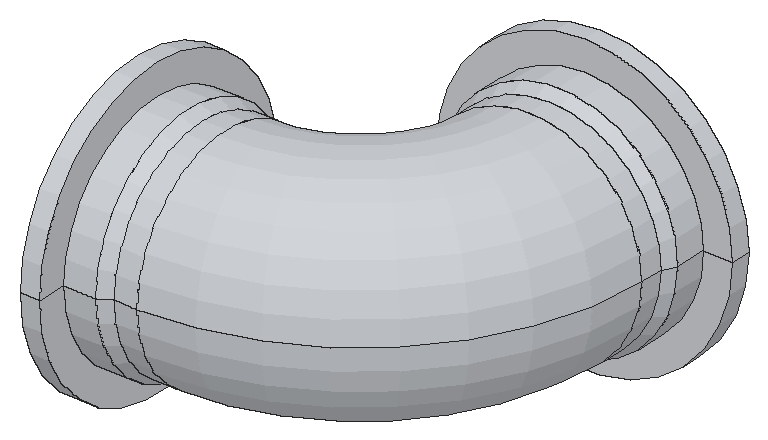
Revit family "1c944dc4a963474e9f11f9a67774959f", category Pipe Fittings, Revit 2021
Family settings
  Round Connector Dimension = Use Radius
  Part Type = Elbow
  OmniClass Number = 23.60.30.11.14
  OmniClass Title = Pipework Fittings
  Seek Item ID = Elbow - Threaded - MI - Class 300-0000-USA-ENU
  Work Plane-Based = No
  Always vertical = Yes
  Cut with Voids When Loaded = No
  Shared = No
Parameters (values of type "Standard")
  Tick Size [instance] = Fitting Outside Diameter * 0.4  # 6.1200"
  Socket Outside Radius [instance] = Socket Outside Diameter / 2  # 8.0950"
  Socket Outside Diameter [instance] = size_lookup(Lookup Table Name, "SOD", 1.08 * Nominal Diameter + 1.1200", Nominal Diameter)  # 16.1900"
  Socket Depth [instance] = if(Nominal Diameter < 14.0000", 2.5000", if(Nominal Diameter < 30.0000", 3.5000", 4.0000"))  # 3.5000"
  Lookup Table Name = "Bend - MJ - GI - Class 150"
  Length 5 [instance] = Length 4 + Bevel Length + Socket Depth  # 6.0000"
  Length 4 [instance] = if(Center to Socket Bottom < (Bevel Length + Length 1), 0.5000", Center to Socket Bottom - Bevel Length - Length 1)  # 1.6100"
  Length 3 [instance] = sin(Angle) * (Center to Socket Bottom + Socket Depth)  # 17.5000"
  Length 2 [instance] = cos(Angle) * (Center to Socket Bottom + Socket Depth)  # 0.0000"
  Length 1 [instance] = tan(Angle / 2) * Center Radius  # 11.5000"
  Fitting Outside Radius [instance] = Fitting Outside Diameter / 2  # 7.6500"
  Fitting Outside Diameter [instance] = size_lookup(Lookup Table Name, "FOD", 1.04 * Nominal Diameter + 0.7000", Nominal Diameter)  # 15.3000"
  Nominal Radius [instance] = 7.0000"
  Nominal Diameter [instance] = Nominal Radius * 2  # 14.0000"
  Loss Method = K Coefficient from Table
  K Coefficient Table = "Long Radius Elbow"
  Default Elevation = 0.0000"
  Bevel Length [instance] = size_lookup(Lookup Table Name, "BvLgt", 0.04 * Nominal Diameter + 0.4300", Nominal Diameter)  # 0.8900"
  Center to Socket Bottom [instance] = size_lookup(Lookup Table Name, "CtSB", Center to Socket Bottom Not Found, Nominal Diameter, Angle 1)  # 14.0000"
  Center to Socket Bottom Not Found [instance] = if(Nominal Diameter < 30.0000", tan(Angle / 2) * Center Radius + Bevel Length + 1.0000", tan(Angle / 2) * Center Radius + Bevel Length + 6.0000")  # 13.3900"
  Center Radius [instance] = size_lookup(Lookup Table Name, "CRad", 0.69 * Nominal Diameter + 1.8100", Nominal Diameter, Angle 1)  # 11.5000"
  Gland Width [instance] = size_lookup(Lookup Table Name, "GWid", 0.03 * Nominal Diameter + 0.9400", Nominal Diameter)  # 1.3100"
  Gland Outside Radius [instance] = Gland Outside Diameter / 2  # 10.1250"
  Gland Outside Diameter [instance] = size_lookup(Lookup Table Name, "GOD", 1.16 * Nominal Diameter + 4.0300", Nominal Diameter)  # 20.2500"
  Assembly Code = ""
  Angle 1 [instance] = if(or(Angle < 11.25°, Angle = 11.25°), 11.25°, if(or(Angle < 22.50°, Angle = 22.50°), 22.50°, if(or(Angle < 45.00°, Angle = 45.00°), 45.00°, Angle)))  # 90.00°
  Angle [instance] = 90.00°
Reference planes (in)
  plane 1 "Center (Front/Back)": y = 0
  plane 2: z = 0
  plane 3 "Center (Left/Right)": x = 0
  plane 4: x = -11.5
  plane 5: x = -13.11
  plane 6: y = 11.5
  plane 7: y = 6.12
  plane 8: y = -6.12
  plane 9: x = 0
  plane 10: y = 17.5
  plane 11: x = -17.5
  plane 12: x = -16.19
  plane 13: y = 10.125
  plane 14: y = 8.095
  plane 15: y = 7.65
  plane 16: x = -14
Forms (in)
  Sweep 1, solid, detail levels fine
    path in 3D
      loop
        arc (-11.5, 0, 0) -> (-3.36827, 3.36827, 0) -> (0, 11.5, 0) r 11.5
    profile origin (-3.36827, 3.36827, 0) x (-0.707107, 0.707107, 0) y (0, 0, 1)
      loop
        circle (0, 0) r 7.65
  Revolve 2, solid, detail levels fine
    sketch origin (0, 17.5, 0) x (0, -1, 0) y (1, 0, 0)
      loop
        line (0, 0) -> (0, -10.125) -> (1.31, -10.125) -> (1.31, -8.095) -> (3.5, -8.095) -> (4.39, -7.65) -> (6, -7.65) -> (6, 0) -> (0, 0)
      axis (0, 0) -> (6, 0)
    angle from 0 to 360
  Revolve 3, solid, detail levels fine
    sketch origin (0, 0, 0) x (1, 0, 0) y (0, 1, 0)
      loop
        line (-17.5, 0) -> (-11.5, 0) -> (-11.5, 7.65) -> (-13.11, 7.65) -> (-14, 8.095) -> (-16.19, 8.095) -> (-16.19, 10.125) -> (-17.5, 10.125) -> (-17.5, 0)
      axis (-17.5, 0) -> (-11.5, 0)
    angle from 0 to 360
Cuts and joins
  joined: Sweep 1, Revolve 2, Revolve 3
Lines and regions (in)
  model lines, style "PipeFitting", detail levels coarse+medium
    curve 1: line (-17.5, 0, 0) -> (-11.5, 0, 0)
    curve 2: arc (-11.5, 0, 0) -> (-3.36827, 3.36827, 0) -> (0, 11.5, 0) r 11.5
    curve 3: line (0, 11.5, 0) -> (0, 17.5, 0)
  sketch lines
    curve 4: arc (-11.5, 0, 0) -> (-3.36827, 3.36827, 0) -> (0, 11.5, 0) r 11.5
  model lines, detail levels coarse+medium
    curve 5: line (-17.5, 0, 0) -> (-17.5, 6.12, 0)
    curve 6: line (-17.5, 0, 0) -> (-17.5, -6.12, 0)
    curve 7: line (0, 17.5, 0) -> (-6.12, 17.5, 0)
    curve 8: line (0, 17.5, 0) -> (6.12, 17.5, 0)
  reference lines, not visible
    curve 9: line (0, 17.5, 0) -> (0, 10.18528, 0)
Dimensions and locks (in)
  "Center Radius": plane 6 to plane 1 "Center (Front/Back)"
  "Tick Size": plane 7 to plane 1 "Center (Front/Back)"
  "Tick Size": plane 8 to plane 1 "Center (Front/Back)"
  "Tick Size": curve 7 to curve 7
  "Tick Size": curve 8 to curve 8
  "Socket Outside Radius": Revolve 2 sketch curve to Revolve 2 sketch curve
  "Gland Width": Revolve 2 sketch curve to Revolve 2 sketch curve
  "Fitting Outside Radius": Revolve 2 sketch curve to Revolve 2 sketch curve
  "Gland Outside Radius": Revolve 2 sketch curve to Revolve 2 sketch curve
  "Socket Depth": Revolve 2 sketch curve to Revolve 2 sketch curve
  "Length 1": plane 4 to plane 3 "Center (Left/Right)"
  "Length 3": plane 10 to plane 1 "Center (Front/Back)"
  "Gland Width": plane 11 to plane 12
  "Fitting Outside Radius": plane 15 to plane 1 "Center (Front/Back)"
  "Socket Outside Radius": plane 14 to plane 1 "Center (Front/Back)"
  "Gland Outside Radius": plane 13 to plane 1 "Center (Front/Back)"
  "Bevel Length": plane 16 to plane 5
  "Socket Depth": plane 11 to plane 16
  "Center to Socket Bottom": plane 16 to plane 3 "Center (Left/Right)"
  "Length 2": plane 3 "Center (Left/Right)" to plane 9
  "Length 5": Revolve 2 sketch curve to Revolve 2 sketch curve
  "Length 4": Revolve 2 sketch curve to Revolve 2 sketch curve
  "Center Radius": radius of curve 2
  "Fitting Outside Radius": radius of Sweep 1 sketch curve
  "Angle": angle curve 2 to curve 2
  "Angle": angle plane 1 "Center (Front/Back)" to curve 3
  locked: curve 8 to curve 3 (angle 90.00°)
  locked: curve 3 to curve 7 (angle 90.00°)
  "Angle": angle plane 10 to curve 9
  aligned and locked: plane 4 to curve 2
  aligned and locked: plane 7 to curve 5
  aligned and locked: plane 1 "Center (Front/Back)" to curve 6
  aligned and locked: plane 8 to curve 6
  aligned and locked: plane 9 to curve 9
  aligned and locked: plane 10 to curve 9
  aligned and locked: Revolve 2 sketch curve to curve 9
  aligned and locked: curve 6 to plane 11
  aligned and locked: Revolve 3 sketch curve to plane 13
  aligned and locked: plane 11 to Revolve 3 sketch curve
  aligned and locked: Revolve 3 sketch curve to plane 12
  aligned and locked: Revolve 3 sketch curve to plane 14
  aligned and locked: Revolve 3 sketch curve to plane 4
  aligned and locked: plane 16 to Revolve 3 sketch curve
  aligned and locked: plane 5 to Revolve 3 sketch curve
  aligned and locked: plane 15 to Revolve 3 sketch curve
Automatic sketch dimensions
  Sweep 1 sketch curve to profile plane = 0.0000"  (x2)
  curve 3 to plane 10 = 0.0000"
  plane 1 "Center (Front/Back)" to Revolve 3 sketch curve = 0.0000"  (x2)
  Revolve 3 sketch curve to plane 4 = 0.0000"
  Revolve 3 sketch curve to plane 11 = 0.7500"
  Revolve 2 sketch curve to curve 9 = 0.0000"  (x2)
  Revolve 2 sketch curve to Revolve 2 sketch curve = 1.0000"
  Revolve 2 sketch curve to Revolve 2 sketch curve = 0.78127"
Connectors (in)
  piping at (-17.5, 0, 0), diameter 14, driven by "Angle", driven by "Nominal Radius"
    settings: on Revolve 3, index 1, connector inside diameter 14.0000", connector length 0.0000", flow factor 0, pipe flow 0 GPM, pressure drop 0.00 psi, fitting loss kfactor 0, connector angle 90.00°, fixture units 0, engagement length 0.0000", angle of deflection 0.00°, flow configuration 0, flow direction 0, fitting loss method 0, system type 28, joint type 0, gender type 0, connector reference index 2, connector utility 0, adjustable connector no, is connector primary yes, connector description ""
  piping at (0, 17.5, 0), diameter 14, driven by "Angle", driven by "Nominal Radius"
    settings: on Revolve 2, index 2, connector inside diameter 14.0000", connector length 0.0000", flow factor 0, pipe flow 0 GPM, pressure drop 0.00 psi, fitting loss kfactor 0, connector angle 90.00°, fixture units 0, engagement length 0.0000", angle of deflection 0.00°, flow configuration 0, flow direction 0, fitting loss method 0, system type 28, joint type 0, gender type 0, connector reference index 1, connector utility 0, adjustable connector no, is connector primary no, connector description ""
